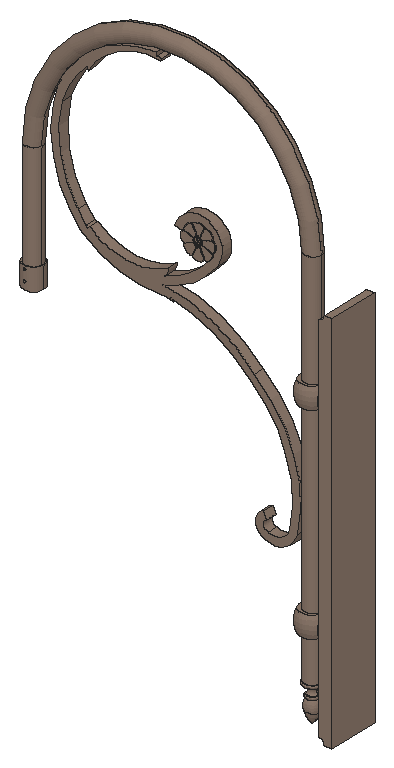
Revit family "WM185", category Generic Models, Revit 2014
Parameters
  WALL MOUNT = Bronze, Architectural
  SCROLL = Bronze, Architectural
  COUPLING = Bronze, Architectural
  ARM = Bronze, Architectural
Reference planes (in)
  plane 1 "Center (Front/Back)": y = 0
  plane 2: z = 0
  plane 3 "Center (Left/Right)": x = 0
  plane 4: y = 0.5
  plane 5: y = -0.5
Forms (in)
  Revolve 1, solid, material "Bronze, Architectural" <- "ARM"
    sketch origin (0, 0, 0) x (1, 0, 0) y (0, 0, 1)
      loop
        line (-0.83, 16.77666) -> (0, 16.77666) -> (0, 53.1675) -> (-0.83, 53.1675) -> (-0.83, 16.77666)
      axis (0, 53.1675) -> (0, 16.77666)
    angle from 0 to 360
  Revolve 2, solid, material "Bronze, Architectural" <- "ARM"
    sketch origin (-4.1582, 0, 0) x (1, 0, 0) y (0, 0, 1)
      loop
        line (-22.34, 53.1675) -> (-23.17, 53.1675) -> (-23.17, 43.05286) -> (-22.34, 43.05286) -> (-22.34, 53.1675)
      axis (-22.34, 53.1675) -> (-22.34, 43.05286)
    angle from 0 to 360
  Revolve 3, solid, material "Bronze, Architectural" <- "COUPLING"
    sketch origin (-4.1582, 0, 0) x (1, 0, 0) y (0, 0, 1)
      loop
        line (-22.34, 43.05286) -> (-23.32437, 43.05286) -> (-23.32437, 40.99286) -> (-22.34, 40.99286) -> (-22.34, 43.05286)
      axis (-22.34, 43.05286) -> (-22.34, 40.99286)
    angle from 0 to 360
  Revolve 4, solid, material "Bronze, Architectural" <- "ARM"
    sketch origin (0, 0, 0) x (1, 0, 0) y (0, 0, 1)
      loop
        line (-0.75, 16.68523) -> (-0.84024, 16.66179)
        arc (-0.84024, 16.66179) -> (-0.9151, 16.56501) -> (-0.84024, 16.46822) r 0.1
        line (-0.84024, 16.46822) -> (-0.71875, 16.43666) -> (-0.71875, 16.34666)
        arc (-0.71875, 16.34666) -> (-0.56145, 16.28305) -> (-0.41905, 16.19082) r 0.89213
        arc (-0.41905, 16.19082) -> (-0.31423, 15.86897) -> (-0.4849, 15.57666) r 0.41352
        line (-0.4849, 15.57666) -> (-0.57655, 15.55141)
        arc (-0.57655, 15.55141) -> (-0.65, 15.45501) -> (-0.57655, 15.3586) r 0.1
        line (-0.57655, 15.3586) -> (-0.45495, 15.3251)
        arc (-0.45495, 15.3251) -> (-0.7044, 14.80241) -> (-0.67241, 14.22412) r 1.16927
        arc (-0.67241, 14.22412) -> (-0.43804, 13.60758) -> (-0.04456, 13.07822) r 2.39782
        arc (-0.04456, 13.07822) -> (-0.02415, 13.06441) -> (0, 13.05955) r 0.0625
        line (0, 13.05955) -> (0, 16.77666) -> (-0.75, 16.77666) -> (-0.75, 16.68523)
      axis (0, 16.77666) -> (0, 13.05955)
    angle from 0 to 360
  Sweep 5, solid, material "Bronze, Architectural" <- "ARM"
    path origin (0, 0, 0) x (1, 0, 0) y (0, 0, 1)
      loop
        arc (0, 53.1675) -> (-13.25, 66.4175) -> (-26.5, 53.1675) r 13.25
    profile origin (-13.25, 0, 66.4175) x (0, 0, -1) y (0, -1, 0)
      loop
        circle (0, 0) r 0.82812
  Extrusion 6, solid, material "Bronze, Architectural" <- "SCROLL"
    sketch origin (37.82621, 0, -0.53953) x (1, 0, 0) y (0, 0, 1)
      loop
        arc (-47.93257, 52.65549) -> (-48.28725, 52.74688) -> (-48.64193, 52.65549) r 0.73395
        arc (-48.64193, 52.65549) -> (-48.7878, 52.50312) -> (-48.78625, 52.29219) r 0.2805
        line (-48.78625, 52.29219) -> (-48.56354, 51.75471) -> (-48.53556, 51.68716) -> (-48.47963, 51.55213)
        arc (-48.47963, 51.55213) -> (-48.37528, 51.53023) -> (-48.28725, 51.5904) r 0.13586
        arc (-48.28725, 51.5904) -> (-48.19922, 51.53023) -> (-48.09486, 51.55213) r 0.13586
        line (-48.09486, 51.55213) -> (-48.03893, 51.68716) -> (-48.01095, 51.75471) -> (-47.7881, 52.29251)
        arc (-47.7881, 52.29251) -> (-47.78661, 52.50334) -> (-47.93257, 52.65549) r 0.28014
    from -0.5 to 0.5
  Extrusion 7, solid, material "Bronze, Architectural" <- "SCROLL"
    sketch origin (37.82621, 0, -0.53953) x (1, 0, 0) y (0, 0, 1)
      loop
        circle (-48.28725, 51.08767) r 0.33117
    from -0.5 to 0.5
  Extrusion 8, solid, material "Bronze, Architectural" <- "SCROLL"
    sketch origin (59.80844, 0, 48.55927) x (0.707107, 0, 0.707107) y (-0.707107, 0, 0.707107)
      loop
        arc (-47.93257, 52.65549) -> (-48.28725, 52.74688) -> (-48.64193, 52.65549) r 0.73395
        arc (-48.64193, 52.65549) -> (-48.7878, 52.50312) -> (-48.78625, 52.29219) r 0.2805
        line (-48.78625, 52.29219) -> (-48.56354, 51.75471) -> (-48.53556, 51.68716) -> (-48.47963, 51.55213)
        arc (-48.47963, 51.55213) -> (-48.37528, 51.53023) -> (-48.28725, 51.5904) r 0.13586
        arc (-48.28725, 51.5904) -> (-48.19922, 51.53023) -> (-48.09486, 51.55213) r 0.13586
        line (-48.09486, 51.55213) -> (-48.03893, 51.68716) -> (-48.01095, 51.75471) -> (-47.7881, 52.29251)
        arc (-47.7881, 52.29251) -> (-47.78661, 52.50334) -> (-47.93257, 52.65549) r 0.28014
    from -0.5 to 0.5
  Extrusion 9, solid, material "Bronze, Architectural" <- "SCROLL"
    sketch origin (59.80844, 0, 48.55927) x (0.707107, 0, 0.707107) y (-0.707107, 0, 0.707107)
      loop
        circle (-48.28725, 51.08767) r 0.33117
    from -0.5 to 0.5
  Extrusion 10, solid, material "Bronze, Architectural" <- "SCROLL"
    sketch origin (40.61903, 0, 98.83371) x (0, 0, 1) y (-1, 0, 0)
      loop
        arc (-47.93257, 52.65549) -> (-48.28725, 52.74688) -> (-48.64193, 52.65549) r 0.73395
        arc (-48.64193, 52.65549) -> (-48.7878, 52.50312) -> (-48.78625, 52.29219) r 0.2805
        line (-48.78625, 52.29219) -> (-48.56354, 51.75471) -> (-48.53556, 51.68716) -> (-48.47963, 51.55213)
        arc (-48.47963, 51.55213) -> (-48.37528, 51.53023) -> (-48.28725, 51.5904) r 0.13586
        arc (-48.28725, 51.5904) -> (-48.19922, 51.53023) -> (-48.09486, 51.55213) r 0.13586
        line (-48.09486, 51.55213) -> (-48.03893, 51.68716) -> (-48.01095, 51.75471) -> (-47.7881, 52.29251)
        arc (-47.7881, 52.29251) -> (-47.78661, 52.50334) -> (-47.93257, 52.65549) r 0.28014
    from -0.5 to 0.5
  Extrusion 11, solid, material "Bronze, Architectural" <- "SCROLL"
    sketch origin (-8.47977, 0, 120.81594) x (-0.707107, 0, 0.707107) y (-0.707107, 0, -0.707107)
      loop
        circle (-48.28725, 51.08767) r 0.33117
    from -0.5 to 0.5
  Extrusion 12, solid, material "Bronze, Architectural" <- "SCROLL"
    sketch origin (-12.44223, 0, -19.72528) x (0.707107, 0, -0.707107) y (0.707107, 0, 0.707107)
      loop
        arc (-47.93257, 52.65549) -> (-48.28725, 52.74688) -> (-48.64193, 52.65549) r 0.73395
        arc (-48.64193, 52.65549) -> (-48.7878, 52.50312) -> (-48.78625, 52.29219) r 0.2805
        line (-48.78625, 52.29219) -> (-48.56354, 51.75471) -> (-48.53556, 51.68716) -> (-48.47963, 51.55213)
        arc (-48.47963, 51.55213) -> (-48.37528, 51.53023) -> (-48.28725, 51.5904) r 0.13586
        arc (-48.28725, 51.5904) -> (-48.19922, 51.53023) -> (-48.09486, 51.55213) r 0.13586
        line (-48.09486, 51.55213) -> (-48.03893, 51.68716) -> (-48.01095, 51.75471) -> (-47.7881, 52.29251)
        arc (-47.7881, 52.29251) -> (-47.78661, 52.50334) -> (-47.93257, 52.65549) r 0.28014
    from -0.5 to 0.5
  Extrusion 13, solid, material "Bronze, Architectural" <- "SCROLL"
    sketch origin (40.62577, 0, 98.82927) x (0, 0, 1) y (-1, 0, 0)
      loop
        circle (-48.28725, 51.08767) r 0.33117
    from -0.5 to 0.5
  Extrusion 14, solid, material "Bronze, Architectural" <- "SCROLL"
    sketch origin (-61.54971, 0, 2.26168) x (0, 0, -1) y (1, 0, 0)
      loop
        arc (-47.93257, 52.65549) -> (-48.28725, 52.74688) -> (-48.64193, 52.65549) r 0.73395
        arc (-48.64193, 52.65549) -> (-48.7878, 52.50312) -> (-48.78625, 52.29219) r 0.2805
        line (-48.78625, 52.29219) -> (-48.56354, 51.75471) -> (-48.53556, 51.68716) -> (-48.47963, 51.55213)
        arc (-48.47963, 51.55213) -> (-48.37528, 51.53023) -> (-48.28725, 51.5904) r 0.13586
        arc (-48.28725, 51.5904) -> (-48.19922, 51.53023) -> (-48.09486, 51.55213) r 0.13586
        line (-48.09486, 51.55213) -> (-48.03893, 51.68716) -> (-48.01095, 51.75471) -> (-47.7881, 52.29251)
        arc (-47.7881, 52.29251) -> (-47.78661, 52.50334) -> (-47.93257, 52.65549) r 0.28014
    from -0.5 to 0.5
  Extrusion 15, solid, material "Bronze, Architectural" <- "SCROLL"
    sketch origin (37.81909, 0, -0.53788) x (1, 0, 0) y (0, 0, 1)
      loop
        circle (-48.28725, 51.08767) r 0.33117
    from -0.5 to 0.5
  Extrusion 16, solid, material "Bronze, Architectural" <- "SCROLL"
    sketch origin (-80.72924, 0, 52.52505) x (-0.707107, 0, -0.707107) y (0.707107, 0, -0.707107)
      loop
        arc (-47.93257, 52.65549) -> (-48.28725, 52.74688) -> (-48.64193, 52.65549) r 0.73395
        arc (-48.64193, 52.65549) -> (-48.7878, 52.50312) -> (-48.78625, 52.29219) r 0.2805
        line (-48.78625, 52.29219) -> (-48.56354, 51.75471) -> (-48.53556, 51.68716) -> (-48.47963, 51.55213)
        arc (-48.47963, 51.55213) -> (-48.37528, 51.53023) -> (-48.28725, 51.5904) r 0.13586
        arc (-48.28725, 51.5904) -> (-48.19922, 51.53023) -> (-48.09486, 51.55213) r 0.13586
        line (-48.09486, 51.55213) -> (-48.03893, 51.68716) -> (-48.01095, 51.75471) -> (-47.7881, 52.29251)
        arc (-47.7881, 52.29251) -> (-47.78661, 52.50334) -> (-47.93257, 52.65549) r 0.28014
    from -0.5 to 0.5
  Extrusion 17, solid, material "Bronze, Architectural" <- "SCROLL"
    sketch origin (-12.44447, 0, -19.71889) x (0.707107, 0, -0.707107) y (0.707107, 0, 0.707107)
      loop
        circle (-48.28725, 51.08767) r 0.33117
    from -0.5 to 0.5
  Extrusion 18, solid, material "Bronze, Architectural" <- "SCROLL"
    sketch origin (-8.47708, 0, 120.81246) x (-0.707107, 0, 0.707107) y (-0.707107, 0, -0.707107)
      loop
        arc (-47.93257, 52.65549) -> (-48.28725, 52.74688) -> (-48.64193, 52.65549) r 0.73395
        arc (-48.64193, 52.65549) -> (-48.7878, 52.50312) -> (-48.78625, 52.29219) r 0.2805
        line (-48.78625, 52.29219) -> (-48.56354, 51.75471) -> (-48.53556, 51.68716) -> (-48.47963, 51.55213)
        arc (-48.47963, 51.55213) -> (-48.37528, 51.53023) -> (-48.28725, 51.5904) r 0.13586
        arc (-48.28725, 51.5904) -> (-48.19922, 51.53023) -> (-48.09486, 51.55213) r 0.13586
        line (-48.09486, 51.55213) -> (-48.03893, 51.68716) -> (-48.01095, 51.75471) -> (-47.7881, 52.29251)
        arc (-47.7881, 52.29251) -> (-47.78661, 52.50334) -> (-47.93257, 52.65549) r 0.28014
    from -0.5 to 0.5
  Extrusion 19, solid, material "Bronze, Architectural" <- "SCROLL"
    sketch origin (37.83071, 0, -0.53845) x (1, 0, 0) y (0, 0, 1)
      loop
        circle (-48.28725, 51.08767) r 0.33117
    from -0.5 to 0.5
  Extrusion 20, solid, material "Bronze, Architectural" <- "SCROLL"
    sketch origin (-58.7511, 0, 101.63688) x (-1, 0, 0) y (0, 0, -1)
      loop
        arc (-47.93257, 52.65549) -> (-48.28725, 52.74688) -> (-48.64193, 52.65549) r 0.73395
        arc (-48.64193, 52.65549) -> (-48.7878, 52.50312) -> (-48.78625, 52.29219) r 0.2805
        line (-48.78625, 52.29219) -> (-48.56354, 51.75471) -> (-48.53556, 51.68716) -> (-48.47963, 51.55213)
        arc (-48.47963, 51.55213) -> (-48.37528, 51.53023) -> (-48.28725, 51.5904) r 0.13586
        arc (-48.28725, 51.5904) -> (-48.19922, 51.53023) -> (-48.09486, 51.55213) r 0.13586
        line (-48.09486, 51.55213) -> (-48.03893, 51.68716) -> (-48.01095, 51.75471) -> (-47.7881, 52.29251)
        arc (-47.7881, 52.29251) -> (-47.78661, 52.50334) -> (-47.93257, 52.65549) r 0.28014
    from -0.5 to 0.5
  Extrusion 21, solid, material "Bronze, Architectural" <- "SCROLL"
    sketch origin (40.62107, 0, 98.84856) x (0, 0, 1) y (-1, 0, 0)
      loop
        circle (-48.28725, 51.08767) r 0.33117
    from -0.5 to 0.5
  Revolve 22, solid, material "Bronze, Architectural" <- "ARM"
    sketch origin (40.54723, 0, -2.7469) x (1, 0, 0) y (0, 0, 1)
      loop
        arc (-41.72267, 25.63615) -> (-41.97267, 24.63615) -> (-41.72267, 23.63615) r 2.125
        line (-41.72267, 23.63615) -> (-40.53517, 23.63615) -> (-40.53517, 25.63615) -> (-41.72267, 25.63615)
      axis (-40.53517, 25.63615) -> (-40.53517, 23.63615)
    angle from 0 to 360
  Revolve 23, solid, material "Bronze, Architectural" <- "ARM"
    sketch origin (40.54723, 0, -2.7469) x (1, 0, 0) y (0, 0, 1)
      loop
        arc (-41.72267, 45.09623) -> (-41.97267, 44.09623) -> (-41.72267, 43.09623) r 2.125
        line (-41.72267, 43.09623) -> (-40.53517, 43.09623) -> (-40.53517, 45.09623) -> (-41.72267, 45.09623)
      axis (-40.53517, 45.09623) -> (-40.53517, 43.09623)
    angle from 0 to 360
  Extrusion 24, solid, material "Bronze, Architectural" <- "WALL MOUNT"
    sketch origin (0, 0, 0) x (1, 0, 0) y (0, 0, 1)
      loop
        line (3.15456, 13.36929) -> (3.84206, 13.36929) -> (3.84206, 49.86929) -> (3.15456, 49.86929)
        arc (3.15456, 49.86929) -> (3.10643, 49.8471) -> (3.09206, 49.79608) r 0.06328
        arc (3.09206, 49.79608) -> (2.96063, 49.48767) -> (2.64715, 49.36885) r 0.42759
        arc (2.64715, 49.36885) -> (2.60782, 49.34828) -> (2.59206, 49.30679) r 0.0625
        line (2.59206, 49.30679) -> (2.59206, 13.93179)
        arc (2.59206, 13.93179) -> (2.61036, 13.8876) -> (2.65456, 13.86929) r 0.0625
        arc (2.65456, 13.86929) -> (2.94954, 13.73699) -> (3.09206, 13.4468) r 0.47619
        arc (3.09206, 13.4468) -> (3.10477, 13.3931) -> (3.15456, 13.36929) r 0.06395
    from -2.5 to 2.5
  Extrusion 25, solid, material "Bronze, Architectural" <- "SCROLL"
    sketch origin (-34.8913, 0, -3.03606) x (0.990268, 0, 0.139173) y (-0.139173, 0, 0.990268)
      loop
        arc (23.24887, 63.54718) -> (21.42506, 62.20829) -> (19.93565, 60.50518) r 10.3527
        arc (19.93565, 60.50518) -> (18.38254, 55.16373) -> (19.4294, 49.70046) r 11.88838
        arc (19.4294, 49.70046) -> (19.75783, 49.0469) -> (20.13772, 48.42185) r 9.09706
        arc (20.13772, 48.42185) -> (20.29963, 48.22792) -> (20.4702, 48.04157) r 5.54685
        line (20.4702, 48.04157) -> (20.44318, 48.01672)
        arc (20.44318, 48.01672) -> (23.613, 45.60851) -> (27.42234, 44.45258) r 11.27015
        arc (27.42234, 44.45258) -> (27.97986, 44.36248) -> (28.47262, 44.08655) r 1.62085
        arc (28.47262, 44.08655) -> (28.38634, 44.23456) -> (28.2859, 44.37336) r 1.73759
        arc (28.2859, 44.37336) -> (32.09198, 42.29959) -> (35.06103, 39.14183) r 13.71758
        arc (35.06103, 39.14183) -> (37.80754, 33.48707) -> (37.29562, 27.22149) r 11.9208
        arc (37.29562, 27.22149) -> (36.36214, 26.39658) -> (35.12807, 26.56672) r 1.49296
        arc (35.12807, 26.56672) -> (34.73659, 27.07785) -> (35.12807, 27.58898) r 0.52941
        line (35.12807, 27.58898) -> (34.94661, 28.31677)
        arc (34.94661, 28.31677) -> (33.98855, 27.14407) -> (34.81878, 25.87765) r 1.28053
        arc (34.81878, 25.87765) -> (36.64446, 25.69949) -> (37.99256, 26.94347) r 2.24296
        arc (37.99256, 26.94347) -> (38.55107, 33.591) -> (35.65581, 39.60091) r 12.6708
        arc (35.65581, 39.60091) -> (32.17487, 43.17429) -> (27.67338, 45.32429) r 14.20886
        arc (27.67338, 45.32429) -> (30.68883, 46.13445) -> (33.23706, 47.93885) r 8.8748
        arc (33.23706, 47.93885) -> (33.00704, 51.51911) -> (29.53799, 50.60429) r 2.32312
        line (29.53799, 50.60429) -> (30.21949, 50.29115)
        arc (30.21949, 50.29115) -> (32.6306, 50.88525) -> (32.63965, 48.40203) r 1.57959
        arc (32.63965, 48.40203) -> (30.4782, 46.8641) -> (27.93674, 46.10374) r 8.13107
        arc (27.93674, 46.10374) -> (28.26199, 46.4249) -> (28.4296, 46.85014) r 1.10599
        arc (28.4296, 46.85014) -> (24.46305, 46.64716) -> (21.07697, 48.723) r 6.70807
        line (21.07697, 48.723) -> (20.95609, 48.62498)
        arc (20.95609, 48.62498) -> (20.86003, 48.72162) -> (20.77054, 48.82438) r 2.07027
        arc (20.77054, 48.82438) -> (20.42202, 49.41061) -> (20.10947, 50.01677) r 11.3082
        arc (20.10947, 50.01677) -> (19.12139, 54.40273) -> (19.94772, 58.82201) r 11.13838
        arc (19.94772, 58.82201) -> (21.17742, 60.7004) -> (22.79482, 62.25748) r 10.01031
        arc (22.79482, 62.25748) -> (22.81937, 62.07372) -> (22.87427, 61.89665) r 1.10599
        arc (22.87427, 61.89665) -> (26.15199, 64.12771) -> (30.11687, 64.15673) r 6.8152
        line (30.11687, 64.15673) -> (30.17613, 64.32428)
        arc (30.17613, 64.32428) -> (29.94415, 64.39974) -> (29.70862, 64.46327) r 4.78013
        line (29.70862, 64.46327) -> (29.84844, 64.83)
        arc (29.84844, 64.83) -> (26.44126, 64.74107) -> (23.24887, 63.54718) r 10.32011
    from -0.5 to 0.5
  Revolve 26, solid, material "Bronze, Architectural" <- "ARM"
    sketch origin (-37.32066, 0, -1.43815) x (1, 0, 0) y (0, 0, 1)
      loop
        arc (38.40043, 43.78608) -> (38.15043, 42.78608) -> (38.40043, 41.78608) r 2.125
        line (38.40043, 41.78608) -> (39.58793, 41.78608) -> (39.58793, 43.78608) -> (38.40043, 43.78608)
      axis (39.58793, 43.78608) -> (39.58793, 41.78608)
    angle from 0 to 360
  Revolve 27, solid, material "Bronze, Architectural" <- "ARM"
    sketch origin (-37.32066, 0, -20.89683) x (1, 0, 0) y (0, 0, 1)
      loop
        arc (38.40043, 43.78608) -> (38.15043, 42.78608) -> (38.40043, 41.78608) r 2.125
        line (38.40043, 41.78608) -> (39.58793, 41.78608) -> (39.58793, 43.78608) -> (38.40043, 43.78608)
      axis (39.58793, 43.78608) -> (39.58793, 41.78608)
    angle from 0 to 360
  Revolve 28, void
    sketch origin (0, 0, 0) x (1, 0, 0) y (0, 0, 1)
      loop
        line (-27.35758, 40.99286) -> (-26.4982, 40.99286) -> (-26.4982, 42.95371) -> (-27.35758, 42.95371) -> (-27.35758, 40.99286)
      axis (-26.4982, 42.95371) -> (-26.4982, 40.99286)
    angle from 0 to 360
  Extrusion 29, void
    sketch origin (0, 0, 0) x (1, 0, 0) y (0, 0, 1)
      loop
        circle (-26.4982, 41.74286) r 0.125
      loop
        circle (-26.4982, 42.74286) r 0.125
    from -1.0964 to 1.10166
Cuts and joins
  Revolve 28, Extrusion 29 cuts Revolve 3
Lines and regions (in)
  model lines
    curve 1: line (0.84206, 0, 42.34933) -> (-0.81794, 0, 42.34933)
    curve 2: line (0.84206, 0, 22.88925) -> (-0.81794, 0, 22.88925)
Dimensions and locks (in)
  aligned and locked: plane 2 to level
